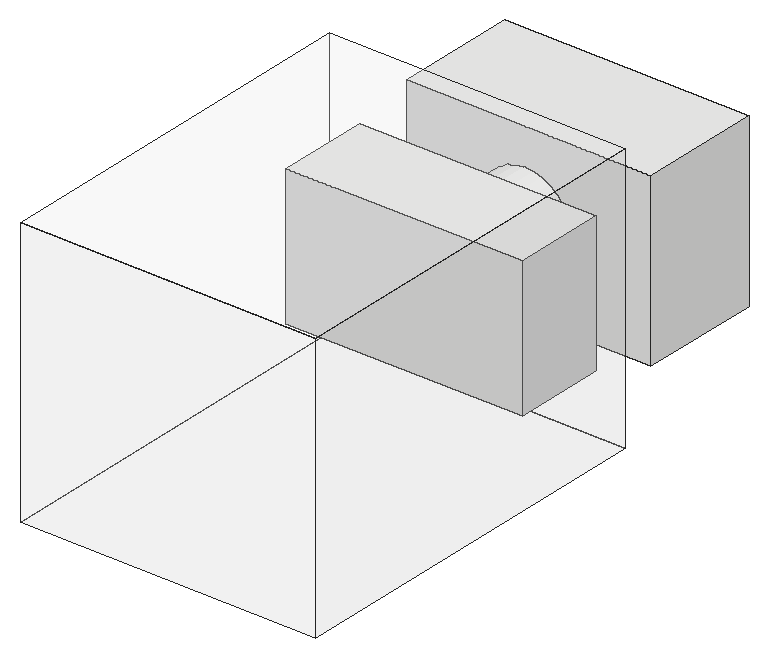
Revit family "vl-100s3_60Hz", category 機械設備, Revit 2019
Family settings
  丸型コネクタ寸法 = 直径を使用
  パーツ タイプ = 標準
  OmniClass 番号 = 23.75.35.17.27
  OmniClass タイトル = Centrifugal Fans
  作業面ベース = いいえ
  常に垂直 = はい
  ロード時にボイドで切り取り = いいえ
  共有 = いいえ
  部屋計算ポイント = いいえ
Parameters (values of type "VL-100S3")
  騒音レベル(dB(A)) [instance] = 38
  風量 [instance] = 95.0 m³/h
  電源種別 [instance] = ""
  電圧 = 100 V
  電動機出力 = 0 W
  電動機_種別 [instance] = ""
  運転質量 = 0.00 kg
  連動 [instance] = ""
  質量 = if(製品質量 > 運転質量, 製品質量, 運転質量) * 1.2  # 8.04 kg
  負荷分類 = 3_ファン類
  説明 = "換気空清機ロスナイ 本体セパレート取付タイプ"
  設計風量 [instance] = 0.0 m³/h
  設置方法 = "壁付"
  記号 [instance] = ""
  製造元 = "三菱電機株式会社"
  製品質量 = 6.70 kg
  製品出荷対象 = "国内"
  製品リリース年月 = "2019年5月16日"
  製品グループ = ""
  系統 [instance] = ""
  符号 [instance] = ""
  積算_科目 = "2 換気設備"
  積算_拾い区分 [instance] = ""
  相 = 1
  盤記号 [instance] = ""
  発停方法 [instance] = ""
  特殊仕様 [instance] = ""
  温度交換効率 = 70.00%
  メンテナンススペース = yes
  火災停止 [instance] = ""
  消費電力 = 40.5 W
  法定耐用年数 = "15"
  機外静圧 [instance] = 0.0 Pa
  極数 = 2
  材質 [instance] = ""
  操作・制御方式 = ""
  操作・制御スイッチ = ""
  排気量 [instance] = 0.0 m³/h
  形式 = ""
  幹線記号 [instance] = ""
  対象室 [instance] = ""
  実風量 [instance] = 0.0 m³/h
  始動方式 [instance] = "直入"
  外気量 [instance] = 0.0 m³/h
  呼称 = ""
  周波数 = 60 Hz
  参照している仕様書等のバージョン = ""
  分類コード = "50052504100030"
  分類グループ = ""
  価格 = 70000
  企業コード = "108420"
  付属品_防振装置 = ""
  付属品 [instance] = ""
  仕様書バージョン = "Version1.0"
  モデル = "VL-100S3"
  マテリアル = 合成樹脂(白)
  ファンの種類 = ""
  ダクト径 = 65 mm
  コメント [instance] = ""
  Keynote = ""
  Width = 400 mm
  W3 = if(Width / 2 < Depth, Width / 2, Depth)  # 156 mm
  W2 = 200 mm
  W1 = 413 mm
  Version = ""
  Uniclass2015Version = "Systems v1.9"
  Uniclass2015Title = "Twin centrifugal fans"
  Uniclass2015Code = "Pr_65_67_29_89"
  URL = "https://www.mitsubishielectric.co.jp/ldg/wink/ssl/displayProduct.do?pid=300967"
  SpecificationReference = ""
  SpecificationDescription = ""
  Revision = ""
  Pype_Depth = 100 mm
  Pype_D = 150 mm
  ProductInformation = ""
  OmniClassCode = "23-33 31 19 13 13"
  MIN風量 = 55.0 m³/h
  MIN静圧 = 0.0 Pa
  MID風量 = 0.0 m³/h
  MID静圧 = 0.0 Pa
  MAX風量 = 95.0 m³/h
  MAX静圧 = 0.0 Pa
  IfcTypeProduct = ""
  IfcProduct = ""
  IfcExportType = "CENTRIFUGALBACKWARDINCLINEDCURVED"
  IfcExportAs = "IfcFanType"
  Height = 235 mm
  H3 = 137 mm
  H2 = 115 mm
  H1 = 289 mm
  Depth = 156 mm
  D1 = 206 mm
  Clearance Top = 120 mm
  Clearance Right = 50 mm
  Clearance Left = 50 mm
  Clearance Front = 500 mm
  Clearance Bottom = 100 mm
  Clearance Back = 0 mm
  Author = "三菱電機株式会社"
Reference planes
  plane 1 "中心(正面/背面)": y = 0
  plane 2: z = 0
  plane 3 "中心(左/右)": x = 0
  plane 4: x = 250
  plane 5: y = 0
  plane 6: y = -656
  plane 7: x = -200
  plane 8: x = 200
  plane 9: y = -156
  plane 10: z = 235
  plane 11: z = -120
  plane 12: x = -250
  plane 13: z = -220
  plane 14: y = -78
  plane 15: z = 115
  plane 16: x = -100
  plane 17: x = 100
  plane 18: y = 100
  plane 19: x = 213
  plane 20: y = 306
  plane 21: x = -200
  plane 22: z = 137
  plane 23: z = -152
Forms (mm)
  Extrusion 1, solid, material "合成樹脂(白)" <- "マテリアル", detail levels fine
    sketch origin (0, 0, 0) x (1, 0, 0) y (0, 1, 0)
      loop
        line (-200, 0) -> (-200, -156) -> (200, -156) -> (200, 0) -> (-200, 0)
    from -120 to 115
  Extrusion 2, solid, material "合成樹脂(白)" <- "マテリアル", detail levels fine
    sketch origin (0, 0, 0) x (1, 0, 0) y (0, 0, 1)
      loop
        circle (0, 0) r 75
    from -100 to 0
  Extrusion 3, solid, material "合成樹脂(白)" <- "マテリアル"
    sketch origin (0, 0, 0) x (1, 0, 0) y (0, 1, 0)
      loop
        line (-200, 306) -> (-200, 100) -> (213, 100) -> (213, 306) -> (-200, 306)
    from -152 to 137
Lines and regions (mm)
  Masking region 1, detail levels coarse+medium
    outline origin (2279.921, -68.194, 0) x (1, 0, 0) y (0, 1, 0)
      loop
        line (-2479.921, 68.194) -> (-2479.921, -87.806) -> (-2079.921, -87.806) -> (-2079.921, 68.194) -> (-2479.921, 68.194)
  symbolic lines, detail levels coarse+medium
    curve 1: circle (100, -78, 0) r 78 normal (0, 0, 1)
    curve 2: circle (-100, -78, 0) r 78 normal (0, 0, 1)
Dimensions and locks
  equal spacing: plane 7, plane 3 "中心(左/右)", plane 8
  "Width": plane 7 to plane 8
  "Clearance Left": plane 12 to plane 7
  "Depth": plane 1 "中心(正面/背面)" to plane 9
  "Clearance Front": plane 9 to plane 6
  "Clearance Back": plane 5 to plane 1 "中心(正面/背面)"
  "Clearance Right": plane 8 to plane 4
  "Clearance Bottom": plane 11 to plane 13
  equal spacing: plane 1 "中心(正面/背面)", plane 14, plane 9
  "Height": plane 15 to plane 11
  "Clearance Top": plane 10 to plane 15
  equal spacing: plane 7, plane 16, plane 3 "中心(左/右)"
  equal spacing: plane 3 "中心(左/右)", plane 17, plane 8
  "Pype_Depth": plane 18 to plane 1 "中心(正面/背面)"
  "D1": plane 20 to plane 18
  "W2": plane 21 to plane 3 "中心(左/右)"
  "W1": plane 21 to plane 19
  "H1": plane 22 to plane 23
  "H3": plane 22 to level
  plane 1 "中心(正面/背面)" to Extrusion 3 = 306 mm
  "H2": plane 15 to level
  "W3": diameter of curve 2
  "W3": diameter of curve 1
  "Pype_D": diameter of Extrusion 2 sketch curve
  aligned and locked: level to plane 2
  aligned and locked: plane 8 to Extrusion 1
  aligned and locked: Extrusion 1 to plane 9
  aligned and locked: Extrusion 1 to plane 7
  aligned and locked: Extrusion 1 to plane 11
  aligned and locked: Extrusion 1 to plane 1 "中心(正面/背面)"
  aligned and locked: plane 15 to Extrusion 1
  aligned and locked: nested 1 to plane 6
  aligned and locked: nested 1 to plane 5
  aligned and locked: nested 1 to plane 12
  aligned and locked: plane 4 to nested 1
  aligned and locked: plane 13 to nested 1
  aligned and locked: plane 10 to nested 1
  aligned and locked: Masking region 1 to plane 7
  aligned and locked: plane 8 to Masking region 1
  aligned and locked: Masking region 1 to plane 1 "中心(正面/背面)"
  aligned and locked: Masking region 1 to plane 9
  aligned and locked: plane 1 "中心(正面/背面)" to Extrusion 2
  aligned and locked: plane 18 to Extrusion 2
  aligned and locked: Extrusion 3 sketch curve to plane 20
  aligned and locked: plane 18 to Extrusion 3 sketch curve
  aligned and locked: Extrusion 3 sketch curve to plane 19
  aligned and locked: Extrusion 3 to plane 21
  aligned and locked: Extrusion 3 to plane 23
  aligned and locked: plane 22 to Extrusion 3
Automatic sketch dimensions
  Extrusion 1 sketch curve to plane 3 "中心(左/右)" = 200 mm
  plane 3 "中心(左/右)" to Extrusion 1 sketch curve = 200 mm
  plane 1 "中心(正面/背面)" to Extrusion 1 sketch curve = 156 mm
  Extrusion 1 sketch curve to plane 1 "中心(正面/背面)" = 0 mm
  Masking region 1 sketch curve to plane 4 = 450 mm
  Masking region 1 sketch curve to Masking region 1 sketch curve = 400 mm
  plane 6 to Masking region 1 sketch curve = 500 mm
  plane 14 to Masking region 1 sketch curve = 78 mm
  curve 2 to plane 14 = 0 mm
  curve 2 to plane 16 = 0 mm
  curve 1 to plane 14 = 0 mm
  curve 1 to plane 17 = 0 mm
  Extrusion 2 sketch curve to level = 0 mm
  Extrusion 2 sketch curve to plane 3 "中心(左/右)" = 0 mm
  Extrusion 3 sketch curve to plane 21 = 0 mm
Nested families
  nested 1: "メンテナンススペース" at (0, -328, 7.5), visible <- "メンテナンススペース", type "メンテナンススペース"
    with Width 500 mm, Height 455 mm, Depth 656 mm
Connectors
  electrical at (213, 203, -7.5), driven by "負荷分類", driven by "極数", driven by "電圧", driven by "消費電力"
    settings: on Extrusion 3, index 1, voltage 100 V, apparent load 40.5 VA, apparent load phase1 0 VA, apparent load phase2 0 VA, apparent load phase3 0 VA, power factor 1, load classification "3_ファン類", number of poles 2, system type 30, power factor state 1, is connector primary yes, connector utility no, sub classification motor no, connector description ""
Definition of nested family "メンテナンススペース"
  Parameters (values of type "メンテナンススペース")
    Width [instance] = 500 mm
    Height [instance] = 500 mm
    Depth [instance] = 500 mm
  Reference planes
    plane 1 "中心(正面/背面)": y = 0
    plane 2: z = 0
    plane 3 "中心(左/右)": x = 0
    plane 4: y = -250
    plane 5: x = 250
    plane 6: y = 250
    plane 7: x = -250
    plane 8: z = 250
    plane 9: z = -250
  Forms (mm)
    Extrusion 1, solid
      sketch origin (-638.939, 0, 72.39) x (1, 0, 0) y (0, 1, 0)
        loop
          line (388.939, 250) -> (388.939, -250) -> (888.939, -250) -> (888.939, 250) -> (388.939, 250)
      from -322.39 to 177.61
  Lines and regions (mm)
    symbolic lines
      curve 1: line (-250, 0, 250) -> (250, 0, 250)
      curve 2: line (-250, 0, -250) -> (-250, 0, 250)
      curve 3: line (250, 0, -250) -> (-250, 0, -250)
      curve 4: line (250, 0, 250) -> (250, 0, -250)
      curve 5: line (0, -250, 250) -> (0, 250, 250)
      curve 6: line (0, -250, -250) -> (0, -250, 250)
      curve 7: line (0, 250, -250) -> (0, -250, -250)
      curve 8: line (0, 250, 250) -> (0, 250, -250)
      curve 9: line (-250, 250, 0) -> (250, 250, 0)
      curve 10: line (-250, -250, 0) -> (-250, 250, 0)
      curve 11: line (250, -250, 0) -> (-250, -250, 0)
      curve 12: line (250, 250, 0) -> (250, -250, 0)
  Dimensions and locks
    equal spacing: plane 7, plane 3 "中心(左/右)", plane 5
    equal spacing: plane 4, plane 1 "中心(正面/背面)", plane 6
    "Depth": plane 4 to plane 6
    "Width": plane 7 to plane 5
    equal spacing: plane 8, plane 2, plane 9
    "Height": plane 8 to plane 9
    aligned and locked: plane 9 to curve 3
    aligned and locked: plane 7 to curve 2
    aligned and locked: curve 4 to plane 5
    aligned and locked: plane 5 to Extrusion 1
    aligned and locked: Extrusion 1 to plane 7
    aligned and locked: Extrusion 1 to plane 9
    aligned and locked: plane 8 to Extrusion 1
    aligned and locked: plane 9 to curve 7
  Automatic sketch dimensions
    plane 4 to Extrusion 1 sketch curve = 0 mm
    Extrusion 1 sketch curve to plane 7 = 0 mm
    Extrusion 1 sketch curve to plane 5 = 0 mm
    plane 6 to Extrusion 1 sketch curve = 0 mm
    curve 2 to plane 8 = 0 mm
    plane 4 to curve 11 = 0 mm
    curve 11 to plane 7 = 0 mm
    curve 11 to plane 5 = 0 mm
    plane 6 to curve 10 = 0 mm
    curve 7 to plane 4 = 0 mm
    curve 7 to plane 6 = 0 mm
    curve 6 to plane 8 = 0 mm
